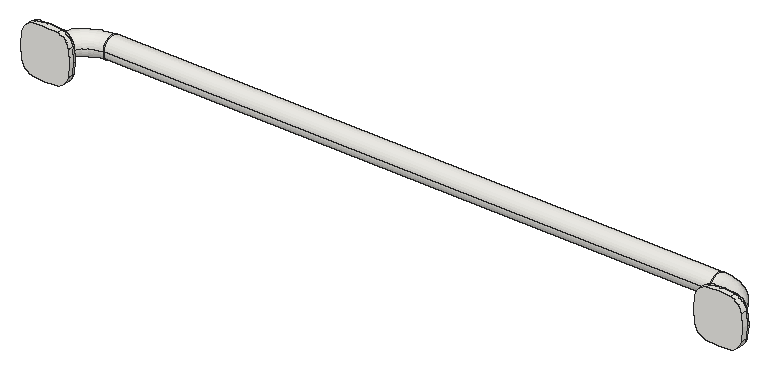
Revit family "Greb 1000 mm hvid", category Plumbing Fixtures, host Wall, Revit 2024
Family settings
  Host = Wall
  Round Connector Dimension = Use Diameter
  Part Type = Normal
  OmniClass Number = 23.45.00.00
  OmniClass Title = Sanitary, Laundry, and Cleaning Equipment
  Enable Cutting in Views = No
  Always vertical = Yes
  Cut with Voids When Loaded = No
  Maintain Annotation Orientation = No
  Shared = No
  Room Calculation Point = No
Parameters (values of type "Type 1")
  Default Elevation = 0 mm
Reference planes
  plane 1: y = 0
  plane 2 "Center (Left/Right)": x = 125
  plane 3 "Back": y = 75
Lines and regions (mm)
  reference lines
    curve 1: line (1125, 75, 0) -> (1125, 235, 0)
Text (mm)
  text "Placement side" at (-1787.139, 592.35, 0), in view "Ref. Level"
  text "Placement side" at (0, 230.823, 2917.686), in view "Left"
  text "Placement side" at (0, 562.268, 3853.606), in view "Right"
Dimensions and locks
  locked: plane 3 "Back" to host wall
  locked: level to nested 1 at 850
  aligned and locked: host wall to plane 1
  aligned and locked: nested 1 to plane 3 "Back"
  aligned and locked: nested 1 to plane 2 "Center (Left/Right)"
Nested families
  nested 1: "Modular handrails" at (1125, 75, 850) x (-1, 0, 0) z (0, 0, 1), type "16277W"
Definition of nested family "Modular handrails"
  Parameters (values of type "16277W")
    _Pipe_Length_ = _Length_ - 100 mm  # 900 mm
    _Length_ = 1000 mm
    _BIM_Content_Update_Date_ = "08.03.2021"  # constant formula
    _BIM_Content_Publish_Date_ = ""
    _BIM_Author_Contact_Details_ = "Mika Leinonen, B.Eng\r\nRevit BIM and 3D-visualization specialist\r\n\r\nCEO, Treedee Oy\r\n\r\nmika.leinonen@treedee.fi\r\n\r\n+358 (0) 40 188 5182\r\n\r\nwww.treedee.fi"
    _BIM_Author_ = "Mika Leinonen - Treedee Oy"  # constant formula
    URL = "https://korpinen.com/"
    Model = ""
    Manufacturer = "Väinö Korpinen Oy"  # constant formula
    _Color_ = none
    Default Elevation = 0 mm
  Types (18, lengths in mm): name | _Pipe_Length_ | _Length_
    16200W | 250 | 350
    16200G | 250 | 350
    16200R | 250 | 350
    16211W | 350 | 450
    16211G | 350 | 450
    16211R | 350 | 450
    16222W | 450 | 550
    16222G | 450 | 550
    16222R | 450 | 550
    16255W | 600 | 700
    16255G | 600 | 700
    16255R | 600 | 700
    16266W | 700 | 800
    16266G | 700 | 800
    16266R | 700 | 800
    16277W | 900 | 1000
    16277G | 900 | 1000
    16277R | 900 | 1000
  Reference planes
    plane 1 "Center (Front/Back)": y = 0
    plane 2: z = 0
    plane 3 "Center (Left/Right)": x = 0
    plane 4: z = 0
    plane 5: x = 1000
    plane 6: x = 963.196
    plane 7: x = 1036.804
  Lines and regions (mm)
    symbolic lines
      curve 1: line (963.196, 0, 0) -> (963.196, -8.005, 0)
      curve 2: line (967.148, -11.997, 0) -> (1032.788, -11.997, 0)
      curve 3: arc (963.196, -8.005, 0) -> (964.363, -10.822, 0) -> (967.18, -11.989, 0) r 3.984
      curve 4: line (1036.804, 0, 0) -> (1036.804, -8.005, 0)
      curve 5: arc (1036.804, -8.005, 0) -> (1035.637, -10.822, 0) -> (1032.82, -11.989, 0) r 3.984
      curve 6: line (1036.804, 0, 0) -> (963.196, 0, 0)
      curve 7: line (-36.773, 0, 0) -> (-36.773, -8.008, 0)
      curve 8: line (-32.787, -11.994, 0) -> (31.124, -11.994, 0)
      curve 9: arc (-36.773, -8.008, 0) -> (-35.605, -10.826, 0) -> (-32.787, -11.994, 0) r 3.986
      curve 10: line (36.836, 0, 0) -> (36.836, -8.005, 0)
      curve 11: line (32.852, -11.989, 0) -> (16, -11.989, 0)
      curve 12: arc (36.836, -8.005, 0) -> (35.669, -10.822, 0) -> (32.852, -11.989, 0) r 3.983
      curve 13: line (36.836, 0, 0) -> (-36.773, 0, 0)
      curve 14: arc (984.002, -11.997, 0) -> (974.043, -36.04, 0) -> (950, -45.999, 0) r 34.002
      curve 15: arc (1016, -11.997, 0) -> (996.669, -58.666, 0) -> (950, -77.997, 0) r 66
      curve 16: line (950, -77.997, 0) -> (950, -45.999, 0)
      curve 17: arc (16, -11.989, 0) -> (25.955, -36.037, 0) -> (50, -45.999, 0) r 34
      curve 18: arc (-16.003, -11.994, 0) -> (3.329, -58.665, 0) -> (50, -77.997, 0) r 66.003
      curve 19: line (50, -77.997, 0) -> (50, -45.999, 0)
      curve 20: line (50, -45.999, 0) -> (950, -45.999, 0)
      curve 21: line (950, -77.997, 0) -> (50, -77.997, 0)
  Dimensions and locks
    "_Length_": plane 5 to plane 3 "Center (Left/Right)"
    "_Length_": plane 3 "Center (Left/Right)" to plane 5
    equal spacing: plane 6, plane 5, plane 7
    locked: plane 6 to plane 7 at 73.607
    aligned and locked: level to plane 2
    aligned and locked: nested 2 to nested 1
    aligned and locked: plane 3 "Center (Left/Right)" to nested 3
    aligned and locked: nested 1 to nested 3
    aligned and locked: curve 1 to plane 6
    aligned and locked: curve 4 to plane 7
  Automatic sketch dimensions
    curve 17 to curve 18 = 0.006 mm
    plane 1 "Center (Front/Back)" to curve 7 = 0 mm
    curve 7 to plane 3 "Center (Left/Right)" = 36.773 mm
    curve 7 to curve 8 = 3.986 mm
    plane 3 "Center (Left/Right)" to curve 11 = 16 mm
    curve 11 to curve 11 = 16.852 mm
    curve 12 to curve 10 = 3.983 mm
    curve 11 to curve 19 = 17.148 mm
    curve 16 to plane 5 = 50 mm
    plane 1 "Center (Front/Back)" to curve 7 = 8.008 mm
    curve 8 to curve 12 = 3.988 mm
    curve 16 to curve 16 = 31.998 mm
    curve 8 to curve 11 = 1.728 mm
    curve 2 to curve 14 = 16.854 mm
    curve 15 to curve 2 = 16.788 mm
    plane 1 "Center (Front/Back)" to curve 2 = 11.997 mm
  Nested families
    nested 1: "Modular tube" at (50, -62, 0), Length <- "_Pipe_Length_", type "500mm"
      with Vertical no, Length 900 mm, Horizontal yes
    nested 2: "Modular 90" at (1000, 0, 0) x (-1, 0, 0) z (0, 0, 1), type "End 90 horizontal"
    nested 3: "Modular 90" at (0, 0, 0), type "End 90 horizontal"
  Definition of nested family "Modular tube"
    Parameters (values of type "500mm")
      Vertical [instance] = not(Horizontal)  # no
      URL = ""
      Model = ""
      Manufacturer = ""
      Length [instance] = 522 mm
      Horizontal [instance] = yes
      Default Elevation = 0 mm
      Colour = none
      Assembly Code = ""
    Reference planes
      plane 1 "Center (Front/Back)": y = 0
      plane 2: z = 0
      plane 3 "Center (Left/Right)": x = 0
      plane 4: z = 0
      plane 5: x = 522
      plane 6: z = 522
    Forms (mm)
      Sweep 1, solid, material <- "Colour", visible <- "Horizontal"
        path origin (0, 0, 0) x (1, 0, 0) y (0, 1, 0)
          loop
            line (0, 0) -> (522, 0)
        profile origin (261, 0, 0) x (0, 1, 0) y (0, 0, 1)
          loop
            circle (0, 0) r 16
      Sweep 2, solid, visible <- "Vertical"
        path origin (0, 0, 0) x (1, 0, 0) y (0, 0, 1)
          loop
            line (0, 0) -> (0, 522)
        profile origin (0, 0, 261) x (-1, 0, 0) y (0, -1, 0)
          loop
            circle (0, 0) r 16
    Dimensions and locks
      "Length": plane 3 "Center (Left/Right)" to plane 5
      "Length": plane 6 to level
      aligned and locked: level to plane 2
      aligned and locked: plane 3 "Center (Left/Right)" to Sweep 1 sketch curve
      aligned and locked: plane 1 "Center (Front/Back)" to Sweep 1 sketch curve
      aligned and locked: plane 6 to Sweep 2 sketch curve
      aligned and locked: level to Sweep 2 sketch curve
      aligned and locked: plane 3 "Center (Left/Right)" to Sweep 2 sketch curve
    Automatic sketch dimensions
      Sweep 1 sketch curve to plane 5 = 0 mm
      Sweep 1 sketch curve to level = 0 mm
      Sweep 1 sketch curve to profile plane = 0 mm
      plane 1 "Center (Front/Back)" to Sweep 2 sketch curve = 0 mm
      Sweep 2 sketch curve to profile plane = 0 mm
      radius of Sweep 1 sketch curve = 16 mm
      radius of Sweep 2 sketch curve = 16 mm
  Definition of nested family "Modular 90"
    Parameters (values of type "End 90 horizontal")
      Vertical = no
      URL = ""
      Model = ""
      Manufacturer = ""
      Horizontal = yes
      Default Elevation = 0 mm
      Colour = none
      Assembly Code = ""
    Types (3, lengths in mm): name | Vertical | Horizontal | Default Elevation
      End 90 horizontal | no | yes | 0
      End 90 vertical | yes | no | 0
      End 90 | yes | no | 1219.2
    Reference planes
      plane 1 "Center (Front/Back)": y = 0
      plane 2: z = 0
      plane 3 "Center (Left/Right)": x = 0
      plane 4: z = 0
      plane 5: x = 0
      plane 6: x = -18.5
      plane 7: x = 18.5
      plane 8: z = 18.5
      plane 9: z = -18.5
      plane 10: x = -35
      plane 11: x = 35
      plane 12: z = 35
      plane 13: z = -35
      plane 14: x = 50.02
      plane 15: y = -62
      plane 16: y = -12
    Forms (mm)
      Extrusion 1, solid, material <- "Colour"
        sketch origin (601.041, 0, -601.041) x (0.707107, 0, 0.707107) y (-0.707107, 0, 0.707107)
          loop
            line (-35.355, 850) -> (0, 814.645) -> (35.355, 850) -> (0, 885.355) -> (-35.355, 850)
        from 0 to 12
      Sweep 2, solid, material <- "Colour"
        path in 3D
          loop
            arc (18.5, -12, 35) -> (29.056, -12, 29.056) -> (35, -12, 18.5) r 22.5
            arc (35, -12, 18.5) -> (36.771, -12, 0) -> (35, -12, -18.5) r 97.5
            arc (35, -12, -18.5) -> (29.056, -12, -29.056) -> (18.5, -12, -35) r 22.5
            arc (18.5, -12, -35) -> (0, -12, -36.771) -> (-18.5, -12, -35) r 97.5
            arc (-18.5, -12, -35) -> (-29.056, -12, -29.056) -> (-35, -12, -18.5) r 22.5
            arc (-35, -12, -18.5) -> (-36.771, -12, 0) -> (-35, -12, 18.5) r 97.5
            arc (-35, -12, 18.5) -> (-29.056, -12, 29.056) -> (-18.5, -12, 35) r 22.5
            arc (-18.5, -12, 35) -> (0, -12, 36.771) -> (18.5, -12, 35) r 97.5
        profile origin (0, -12, 36.771) x (0, 0, 1) y (0, -1, 0)
          loop
            line (0, -12) -> (0, -4)
            arc (0, -4) -> (-1.172, -1.172) -> (-4, 0) r 4
            line (-4, 0) -> (-14, 0) -> (-14, -12) -> (0, -12)
      Sweep 3, solid, material <- "Colour", visible <- "Horizontal"
        path origin (0, 0, 0) x (1, 0, 0) y (0, 1, 0)
          loop
            arc (0, -12) -> (14.645, -47.355) -> (50, -62) r 50
        profile origin (14.645, -47.355, 0) x (0.707107, 0.707107, 0) y (0, 0, 1)
          loop
            circle (0, 0) r 16
      Sweep 4, solid, material <- "Colour", visible <- "Vertical"
        path origin (0, 0, 0) x (0, 0, -1) y (0, 1, 0)
          loop
            arc (0, -12) -> (14.645, -47.355) -> (50, -62) r 50
        profile origin (0, -47.355, -14.645) x (0, 0.707107, -0.707107) y (1, 0, 0)
          loop
            circle (0, 0) r 16
    Cuts and joins
      joined: Extrusion 1, Sweep 2
    Lines and regions (mm)
      sketch lines
        curve 1: arc (-18.5, -12, 35) -> (0, -12, 36.771) -> (18.5, -12, 35) r 97.5
        curve 2: arc (18.5, -12, 35) -> (29.056, -12, 29.056) -> (35, -12, 18.5) r 22.5
        curve 3: arc (35, -12, 18.5) -> (36.771, -12, 0) -> (35, -12, -18.5) r 97.5
        curve 4: arc (35, -12, -18.5) -> (29.056, -12, -29.056) -> (18.5, -12, -35) r 22.5
        curve 5: arc (18.5, -12, -35) -> (0, -12, -36.771) -> (-18.5, -12, -35) r 97.5
        curve 6: arc (-18.5, -12, -35) -> (-29.056, -12, -29.056) -> (-35, -12, -18.5) r 22.5
        curve 7: arc (-35, -12, -18.5) -> (-36.771, -12, 0) -> (-35, -12, 18.5) r 97.5
        curve 8: arc (-35, -12, 18.5) -> (-29.056, -12, 29.056) -> (-18.5, -12, 35) r 22.5
    Dimensions and locks
      locked: plane 5 to plane 14 at 50.02
      plane 15 to plane 1 "Center (Front/Back)" = 62 mm
      angle plane 3 "Center (Left/Right)" to plane 5 = 0.00°
      angle level to plane 4 = 0.00°
      aligned and locked: level to plane 2
